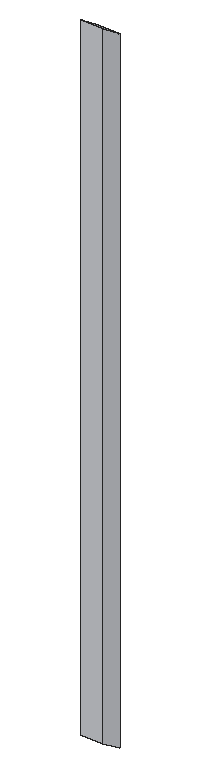
Revit family "M_Baluster - Square", category 난간동자, Revit 2026
Family settings
  항상 수직 = 예
  로드될 때 보이드를 사용하여 절단 = 아니오
  공유 = 아니오
Parameters (values of type "25mm")
  built-in parameter 1008623 [instance] = 32.47°
  built-in parameter 1008625 [instance] = (empty or 0)
  Post = no
  built-in parameter 1008624 [instance] = 32.47°
  Width = 25 mm
  Baluster Material = none
  built-in parameter 1008622 [instance] = 750 mm
Types (3, lengths in mm): name | Width
  (no name) | 25
  25mm | 25
  20mm | 20
Reference planes
  plane 1 "Center (Front/Back)": y = 0
  plane 2: z = 0
  plane 3 "Center (Left/Right)": x = 0
  plane 4 "Top": z = 750
  plane 5 "Top Angle Cut": through (0, 339.699, 533.838) normal (0, -0.5369, -0.8437)
  plane 6: z = 850
  plane 7: x = -25
  plane 8: x = 25
  plane 9: y = 25
  plane 10: y = -25
  plane 11 "Bottom Angle Cut": through (0, 0, 0) normal (0, -0.5369, -0.8437)
  plane 12: z = -100
Forms (mm)
  Extrusion 1, solid, material <- "Baluster Material"
    sketch origin (0, 0, 0) x (1, 0, 0) y (0, 1, 0)
      loop
        line (-12.5, 12.5) -> (-12.5, -12.5) -> (12.5, -12.5) -> (12.5, 12.5) -> (-12.5, 12.5)
    from -100 to 850
  Extrusion 2, void
    sketch origin (0, 0, 0) x (0, 1, 0) y (0, 0, 1)
      loop
        line (-25, 850) -> (-25, 765.908) -> (25, 734.092) -> (25, 850) -> (-25, 850)
      loop
        line (-25, -100) -> (25, -100) -> (25, -15.908) -> (-25, 15.908) -> (-25, -100)
    from -25 to 25
Cuts and joins
  Extrusion 2 cuts Extrusion 1
Dimensions and locks
  "built-in parameter 1008622": plane 2 to plane 4 "Top"
  locked: plane 4 "Top" to plane 6 at 100
  equal spacing: Extrusion 1 sketch curve, plane 3 "Center (Left/Right)", Extrusion 1 sketch curve
  equal spacing: Extrusion 1 sketch curve, plane 1 "Center (Front/Back)", Extrusion 1 sketch curve
  "Width": Extrusion 1 sketch curve to Extrusion 1 sketch curve  (x2)
  "Width": plane 7 to plane 3 "Center (Left/Right)"
  "Width": plane 3 "Center (Left/Right)" to plane 8
  "Width": plane 10 to plane 1 "Center (Front/Back)"
  "Width": plane 1 "Center (Front/Back)" to plane 9
  locked: level to plane 12 at 100
  "built-in parameter 1008623": angle plane 4 "Top" to plane 5 "Top Angle Cut"
  "built-in parameter 1008624": angle level to plane 11 "Bottom Angle Cut"
  aligned and locked: Extrusion 1 to plane 6
  aligned and locked: Extrusion 2 to plane 7
  aligned and locked: plane 8 to Extrusion 2
  aligned and locked: plane 6 to Extrusion 2 sketch curve
  aligned and locked: plane 9 to Extrusion 2 sketch curve
  aligned and locked: plane 10 to Extrusion 2 sketch curve  (x2)
  aligned and locked: Extrusion 2 sketch curve to plane 5 "Top Angle Cut"
  aligned and locked: plane 12 to Extrusion 1
  aligned and locked: plane 12 to Extrusion 2 sketch curve
  aligned and locked: Extrusion 2 sketch curve to plane 9
  aligned and locked: Extrusion 2 sketch curve to plane 11 "Bottom Angle Cut"
